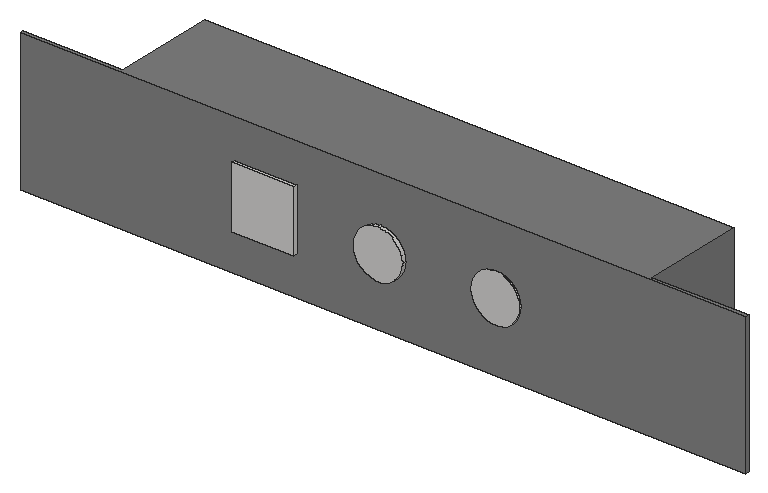
Revit family "2400N", category Generic Models, Revit 2021
Family settings
  Can host rebar = No
  Round Connector Dimension = Use Diameter
  Part Type = Normal
  Work Plane-Based = No
  Always vertical = Yes
  Cut with Voids When Loaded = No
  Shared = No
  Room Calculation Point = No
Parameters (values of type "Standard")
  e-mail = "info@vola.com"
  URL = "http://vola.com"
  Telephone = "+45 7023 5500"
  Quality management standard = "ISO 9001"
  Organisation no. / DUNS no. = "17531328"
  Occupational health and safety management standard = "ISO 18001"
  Mounting Instructions = "http://vola.com/service/producturl.ashx?name=2400N"
  Model = "2400N"
  Materials and components information = "http://vola.com/service/producturl.ashx?name=2400N"
  Manufacturer = "VOLA A/S"
  Maintenance Instructions = "http://vola.com/service/producturl.ashx?name=2400N"
  Guarantee = "2 years"
  Flow = "22,00 l/min"
  Environmental management standard = "ISO 14000"
  Default Elevation = 0.00 mm
  Connection - All relevant connections = ""
  Approvals = "http://vola.com/service/producturl.ashx?name=2400N"
Reference planes
  plane 1 "Center (Front/Back)": y = 0
  plane 2: z = 0
  plane 3 "Center (Left/Right)": x = 0
  plane 4: y = -73.5
  plane 5: y = -26
  plane 6: z = 69.25
Forms (mm)
  Extrusion 1, solid, material "Stainless Steel"
    sketch origin (0, -1, 0.25) x (1, 0, 0) y (0, 0, 1)
      loop
        circle (39, 69) r 16.5
    from 70.5 to 73
  Extrusion 2, solid, material "Stainless Steel"
    sketch origin (1032.5, -3.5, 0.25) x (-1, 0, 0) y (0, 0, -1)
      loop
        line (1092.5, -90) -> (1092.5, -48) -> (1050.5, -48) -> (1050.5, -90) -> (1092.5, -90)
    from 68 to 70.5
  Extrusion 3, solid, material "Default"
    sketch origin (0, -1, 0.25) x (1, 0, 0) y (0, 1, 0)
      loop
        line (-137.5, 1) -> (-137.5, -68) -> (220.5, -68) -> (220.5, 1) -> (-137.5, 1)
    from 21.5 to 116.5
  Extrusion 4, solid, material "Stainless Steel"
    sketch origin (0, -1, 21.75) x (0, 1, 0) y (1, 0, 0)
      loop
        circle (-25, -12) r 14
    from 0 to 21.75
  Extrusion 5, solid, material "Stainless Steel"
    sketch origin (-54, -1, 21.75) x (0, 1, 0) y (1, 0, 0)
      loop
        circle (-25, -12) r 14
    from 0 to 21.75
  Extrusion 6, solid, material "Stainless Steel"
    sketch origin (78, -1, 0.25) x (1, 0, 0) y (0, 0, 1)
      loop
        circle (39, 69) r 16.5
    from 70.5 to 71
  Extrusion 7, solid, material "Default"
    sketch origin (0, -1, 0.25) x (1, 0, 0) y (0, 1, 0)
      loop
        line (-205, -68) -> (-205, -70.5) -> (285.5, -70.5) -> (285.5, -68) -> (-205, -68)
    from 21.5 to 116.5
  Sweep 8, solid, material "Stainless Steel"
    path origin (0.02, -37.751, 138.25) x (-0.999487, 0.032035, 0) y (0, 0, 1)
      loop
        line (-39, -69) -> (-39, -105.19)
        arc (-39, -105.19) -> (-45.59, -121.1) -> (-61.5, -127.69) r 22.5
        line (-61.5, -127.69) -> (-94.5, -127.69)
        arc (-94.5, -127.69) -> (-110.41, -121.1) -> (-117, -105.19) r 22.5
        line (-117, -105.19) -> (-117, -69)
    profile origin (39, -39, 51.155) x (0.032035, 0.999487, 0) y (-0.999487, 0.032035, 0)
      loop
        circle (0, 0) r 7.5
  Extrusion 9, void
    sketch origin (0, -1, 21.75) x (1, 0, 0) y (0, 1, 0)
      loop
        line (24, -8.751) -> (24, -58.751) -> (134.468, -58.751) -> (134.468, -8.751) -> (24, -8.751)
    from 0 to 76.325
Cuts and joins
  Extrusion 9 cuts Extrusion 7
  joined: Extrusion 3, Extrusion 7
  Extrusion 9 cuts Sweep 8
Lines and regions (mm)
  reference lines
    curve 1: line (-39, -26, 69.25) -> (-39, -123.5, 69.25)
    curve 2: line (39, -26, 69.25) -> (39, -123.5, 69.25)
    curve 3: line (-66, -26, 69.25) -> (-66, -26, -29.75)
    curve 4: line (-12, -26, 69.25) -> (-12, -26, -29.75)
    curve 5: line (117, -26, 69.25) -> (117, -123.5, 69.25)
    curve 6: line (39, -39, 69.25) -> (39, -39, 168.25)
Dimensions and locks
  aligned and locked: plane 2 to level
  aligned and locked: Extrusion 3 to Extrusion 7
  aligned and locked: Extrusion 7 to Extrusion 3
